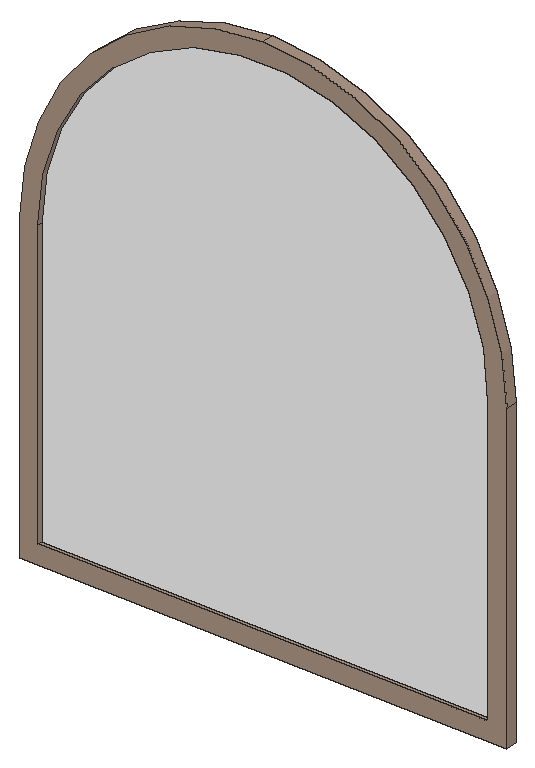
Revit family
Parameters (values of type "800 x 900 mm")
  Width = 800 mm
  Height = 900 mm
  Mounting Height = 900 mm
  Mirror Material = Mirror
  Beading Material = Wood
Reference planes
  plane 1 "Center (Front/Back)": y = 0
  plane 2: z = 0
  plane 3 "Center (Left/Right)": x = 0
  plane 4: x = -400
  plane 5: x = 400
  plane 6: z = 900
  plane 7: z = 1800
  plane 8: y = -19
Forms (mm)
  Extrusion 1, solid, material "Wood" <- "Beading Material"
    sketch origin (0, 0, 0) x (1, 0, 0) y (0, 0, 1)
      loop
        line (-400, 900) -> (400, 900) -> (400, 1400)
        arc (400, 1400) -> (282.843, 1682.843) -> (0, 1800) r 400
        arc (0, 1800) -> (-282.843, 1682.843) -> (-400, 1400) r 400
        line (-400, 1400) -> (-400, 900)
      loop
        line (-370, 1400) -> (-370, 930) -> (370, 930) -> (370, 1400)
        arc (370, 1400) -> (0, 1770) -> (-370, 1400) r 370
    from 0 to 19
  Extrusion 2, solid, material "Mirror" <- "Mirror Material"
    sketch origin (0, 0, 0) x (1, 0, 0) y (0, 0, 1)
      loop
        line (-370, 1400) -> (-370, 930) -> (370, 930) -> (370, 1400)
        arc (370, 1400) -> (0, 1770) -> (-370, 1400) r 370
    from 0 to 12
Lines and regions (mm)
  Masking region 1
    outline origin (0, 0, 0) x (1, 0, 0) y (0, 1, 0)
      loop
        line (-400, 0) -> (-400, -19) -> (400, -19) -> (400, 0) -> (-400, 0)
  symbolic lines
    curve 1: line (400, 0, 0) -> (-400, 0, 0)
    curve 2: line (-400, -19, 0) -> (400, -19, 0)
    curve 3: line (-370, 0, 0) -> (-370, -19, 0)
    curve 4: line (-400, 0, 0) -> (-400, -19, 0)
    curve 5: line (-370, -12, 0) -> (370, -12, 0)
    curve 6: line (370, 0, 0) -> (370, -19, 0)
    curve 7: line (400, -19, 0) -> (400, 0, 0)
Dimensions and locks
  "Height": plane 7 to plane 6
  "Mounting Height": plane 6 to level
  "Width": plane 5 to plane 4
  locked: plane 8 to plane 1 "Center (Front/Back)" at 19
  plane 4 to plane 5 = 800 mm
  equal spacing: plane 5, plane 3 "Center (Left/Right)", plane 4
  aligned and locked: plane 4 to Extrusion 1
  aligned and locked: Extrusion 1 to plane 5
  aligned and locked: plane 6 to Extrusion 1
  aligned and locked: Extrusion 2 sketch curve to Extrusion 1  (x2)
  aligned and locked: Extrusion 2 to plane 1 "Center (Front/Back)"
  aligned and locked: Extrusion 1 to plane 8
  aligned and locked: plane 3 "Center (Left/Right)" to Extrusion 1 sketch curve
  aligned: Masking region 1 sketch curve to Extrusion 1  (x3)
  aligned: Extrusion 1 to Masking region 1 sketch curve
Automatic sketch dimensions
  curve 4 to plane 4 = 0 mm
  curve 3 to plane 1 "Center (Front/Back)" = 0 mm
  curve 6 to plane 8 = 0 mm
  curve 1 to plane 5 = 0 mm
  curve 2 to curve 3 = 30 mm
  curve 6 to curve 1 = 30 mm
  curve 5 to plane 8 = 7 mm
  Extrusion 1 sketch curve to Extrusion 1 sketch curve = 0 mm  (x3)
  Extrusion 1 sketch curve to plane 4 = 0 mm
  Extrusion 1 sketch curve to plane 6 = 0 mm
  Extrusion 1 sketch curve to plane 7 = 0 mm
  Extrusion 1 sketch curve to Extrusion 1 sketch curve = 30 mm
  plane 6 to Extrusion 1 sketch curve = 30 mm
  Masking region 1 sketch curve to plane 4 = 0 mm
  Masking region 1 sketch curve to plane 5 = 0 mm
  Masking region 1 sketch curve to plane 8 = 0 mm
  Masking region 1 sketch curve to plane 1 "Center (Front/Back)" = 0 mm
